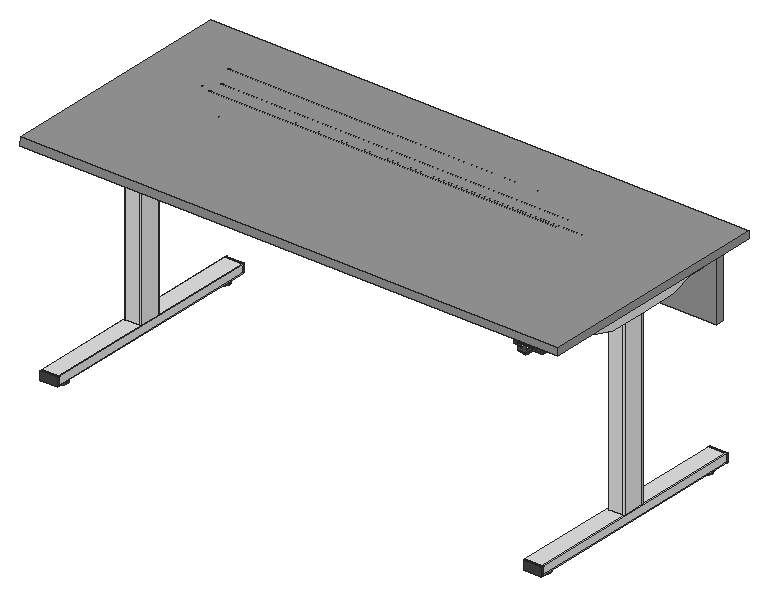
Revit family "Rise LT Rectangular Desk", category Furniture, Revit 2016 (continued)
Definition of nested family "Cable Tray"
  Automatic sketch dimensions
    Extrusion 20 sketch curve to Extrusion 20 sketch curve = 0.065 mm  (x2)
    Extrusion 20 sketch curve to Extrusion 20 sketch curve = 3 mm  (x4)
    Extrusion 20 sketch curve to Extrusion 20 sketch curve = 1.5 mm  (x4)
    Extrusion 20 sketch curve to Extrusion 20 sketch curve = 2.634 mm
    Extrusion 20 sketch curve to Extrusion 20 sketch curve = 0.049 mm  (x2)
    Extrusion 20 sketch curve to Extrusion 20 sketch curve = 39.801 mm
    Extrusion 20 sketch curve to Extrusion 20 sketch curve = 6 mm  (x2)
    Extrusion 20 sketch curve to Extrusion 20 sketch curve = 54.484 mm
    Extrusion 20 sketch curve to plane 6 "Desktop Underside" = 5 mm  (x2)
    Extrusion 20 sketch curve to Extrusion 20 sketch curve = 12 mm
    Extrusion 20 sketch curve to Extrusion 20 sketch curve = 36.451 mm
    Extrusion 20 sketch curve to Extrusion 20 sketch curve = 0.35 mm
    Extrusion 20 sketch curve to Extrusion 20 sketch curve = 0.016 mm
    Extrusion 20 sketch curve to plane 6 "Desktop Underside" = 56.074 mm
    Extrusion 20 sketch curve to Extrusion 20 sketch curve = 20.781 mm
    Extrusion 20 sketch curve to Extrusion 20 sketch curve = 5 mm  (x3)
    Extrusion 20 sketch curve to Extrusion 20 sketch curve = 5.426 mm
    Extrusion 20 sketch curve to Extrusion 20 sketch curve = 81.082 mm
    Extrusion 20 sketch curve to Extrusion 20 sketch curve = 3.312 mm
    Extrusion 20 sketch curve to Extrusion 20 sketch curve = 20.355 mm
    Extrusion 20 sketch curve to Extrusion 20 sketch curve = 2 mm  (x2)
    Extrusion 20 sketch curve to Extrusion 20 sketch curve = 0.293 mm  (x2)
    Extrusion 20 sketch curve to Extrusion 20 sketch curve = 3.101 mm
    Extrusion 20 sketch curve to plane 6 "Desktop Underside" = 8.101 mm
    Extrusion 20 sketch curve to Extrusion 20 sketch curve = 0.033 mm
    Extrusion 20 sketch curve to Extrusion 20 sketch curve = 1.263 mm
    Extrusion 21 sketch curve to Extrusion 21 sketch curve = 0 mm  (x11)
    Extrusion 21 sketch curve to plane 6 "Desktop Underside" = 0 mm
    Extrusion 21 sketch curve to plane 6 "Desktop Underside" = 31.5 mm
    Extrusion 21 sketch curve to plane 7 = 171.565 mm
    Extrusion 21 sketch curve to Extrusion 21 sketch curve = 0.065 mm  (x2)
    Extrusion 21 sketch curve to Extrusion 21 sketch curve = 3 mm  (x4)
    Extrusion 21 sketch curve to Extrusion 21 sketch curve = 1.5 mm  (x4)
    Extrusion 21 sketch curve to Extrusion 21 sketch curve = 2.634 mm
    Extrusion 21 sketch curve to Extrusion 21 sketch curve = 0.049 mm  (x2)
    Extrusion 21 sketch curve to Extrusion 21 sketch curve = 39.801 mm
    Extrusion 21 sketch curve to Extrusion 21 sketch curve = 6 mm  (x2)
    Extrusion 21 sketch curve to Extrusion 21 sketch curve = 54.484 mm
    Extrusion 21 sketch curve to plane 6 "Desktop Underside" = 5 mm  (x2)
    Extrusion 21 sketch curve to Extrusion 21 sketch curve = 12 mm
    Extrusion 21 sketch curve to Extrusion 21 sketch curve = 36.451 mm
    Extrusion 21 sketch curve to Extrusion 21 sketch curve = 0.35 mm
    Extrusion 21 sketch curve to Extrusion 21 sketch curve = 0.016 mm
    Extrusion 21 sketch curve to Extrusion 21 sketch curve = 3.101 mm  (x2)
    Extrusion 21 sketch curve to plane 6 "Desktop Underside" = 24.207 mm
    Extrusion 21 sketch curve to Extrusion 21 sketch curve = 7.293 mm
    Extrusion 21 sketch curve to Extrusion 21 sketch curve = 0.293 mm  (x2)
    Extrusion 21 sketch curve to Extrusion 21 sketch curve = 5 mm  (x3)
    Extrusion 21 sketch curve to Extrusion 21 sketch curve = 2 mm
    Extrusion 21 sketch curve to Extrusion 21 sketch curve = 20.355 mm
    Extrusion 21 sketch curve to Extrusion 21 sketch curve = 20.781 mm
    Extrusion 21 sketch curve to Extrusion 21 sketch curve = 5.426 mm
    Extrusion 21 sketch curve to Extrusion 21 sketch curve = 81.082 mm
    Extrusion 21 sketch curve to Extrusion 21 sketch curve = 3.312 mm
    Extrusion 21 sketch curve to Extrusion 21 sketch curve = 0.033 mm
    Extrusion 21 sketch curve to Extrusion 21 sketch curve = 1.263 mm
    radius of Sweep 2 sketch curve = 1.5 mm
    radius of Sweep 3 sketch curve = 1.5 mm
    radius of Sweep 4 sketch curve = 1.5 mm
    radius of Sweep 5 sketch curve = 1.5 mm
    radius of Sweep 6 sketch curve = 1.5 mm
    radius of Sweep 7 sketch curve = 1.5 mm
    radius of Sweep 8 sketch curve = 1.5 mm
    radius of Sweep 9 sketch curve = 1.5 mm
    radius of Sweep 10 sketch curve = 1.5 mm
    radius of Sweep 11 sketch curve = 1.5 mm
    radius of Sweep 12 sketch curve = 1.5 mm
    radius of Sweep 13 sketch curve = 1.5 mm
    radius of Sweep 14 sketch curve = 1.5 mm
    radius of Sweep 15 sketch curve = 1.5 mm
    radius of Sweep 16 sketch curve = 1.5 mm
    radius of Sweep 17 sketch curve = 1.5 mm
    radius of Sweep 18 sketch curve = 1.5 mm
    radius of Sweep 19 sketch curve = 1.5 mm
    radius of Extrusion 1 sketch curve = 1.5 mm  (x4)
Definition of nested family "Modesty Panel"
  Parameters (values of type "Modesty Panel")
    Width = 1800 mm
    URL = "www.gof.co.uk"
    Type Comments = ""
    Range = "RISE LT"
    Product Code = ""
    Modesty Panel Visible = yes
    Modesty Panel = none
    HeightControl [instance] = if(Height < 720 mm, 720 mm, (if(Height > 1200 mm, 1200 mm, Height)))  # 727 mm
    Height [instance] = 727 mm
    Desktop = none
    Model = ""
    Manufacturer = "Gresham Office Furniture"  # constant formula
    Frame = none
    Foot = none
    Assembly Code = "E2020200"
  Reference planes
    plane 1 "Center (Front/Back)": y = 0
    plane 2: z = 0
    plane 3 "Center (Left/Right)": x = 0
    plane 4: x = -900
    plane 5: x = 900
    plane 6 "Desktop Underside": z = 702
    plane 7: y = 400
    plane 8: y = -400
    plane 9 "Foot": z = 15
    plane 10: z = 727
    plane 11 "Modesty Panel": x = -593
    plane 12: x = 593
    plane 13: z = 425
    plane 14: z = 677
    plane 15: y = 375
    plane 16: x = 568
    plane 17: x = -568
    plane 18: x = -813
    plane 19: x = 813
  Forms (mm)
    Extrusion 1, solid, material <- "Frame", visible <- "Modesty Panel Visible"
      sketch origin (-593, 43.228, 0) x (0, 1, 0) y (0, 0, 1)
        loop
          line (161.772, 702) -> (161.772, 677) -> (306.772, 677) -> (306.772, 432) -> (331.772, 432) -> (331.772, 702) -> (161.772, 702)
      from 0 to 25
    Extrusion 2, solid, material <- "Frame", visible <- "Modesty Panel Visible"
      sketch origin (593, 43.228, 0) x (0, 1, 0) y (0, 0, -1)
        loop
          line (161.772, -702) -> (331.772, -702) -> (331.772, -432) -> (306.772, -432) -> (306.772, -677) -> (161.772, -677) -> (161.772, -702)
      from 0 to 25
    Extrusion 3, solid, material <- "Modesty Panel", visible <- "Modesty Panel Visible"
      sketch origin (0, 0, 0) x (0, 1, 0) y (0, 0, 1)
        loop
          line (375, 677) -> (375, 425) -> (400, 425) -> (400, 677) -> (375, 677)
      from -813 to 813
  Dimensions and locks
    equal spacing: plane 4, plane 3 "Center (Left/Right)", plane 5
    "Width": plane 4 to plane 5
    equal spacing: plane 7, plane 1 "Center (Front/Back)", plane 8
    locked: plane 7 to plane 8 at 800
    locked: plane 2 to plane 9 "Foot" at 15
    "HeightControl": plane 10 to level
    locked: plane 10 to plane 6 "Desktop Underside" at 25
    locked: Extrusion 1 sketch curve to Extrusion 1 sketch curve at 170
    locked: Extrusion 1 sketch curve to Extrusion 1 sketch curve at 25  (x2)
    locked: Extrusion 1 sketch curve to Extrusion 1 sketch curve at 270
    locked: Extrusion 1 to Extrusion 1 at 25
    locked: plane 7 to Extrusion 1 at 25
    locked: plane 11 "Modesty Panel" to plane 4 at 307
    locked: plane 12 to plane 5 at 307
    locked: Extrusion 2 sketch curve to Extrusion 2 sketch curve at 170
    locked: Extrusion 2 sketch curve to Extrusion 2 sketch curve at 25  (x2)
    locked: Extrusion 2 sketch curve to Extrusion 2 sketch curve at 270
    locked: Extrusion 2 to Extrusion 2 at 25
    locked: Extrusion 1 to plane 13 at 7
    locked: plane 6 "Desktop Underside" to plane 14 at 25
    locked: plane 7 to plane 15 at 25
    locked: plane 16 to plane 12 at 25
    locked: plane 17 to plane 11 "Modesty Panel" at 25
    locked: plane 13 to plane 14 at 252
    locked: plane 4 to plane 18 at 87
    locked: plane 19 to plane 5 at 87
    aligned and locked: level to plane 2
    aligned and locked: plane 6 "Desktop Underside" to Extrusion 1
    aligned and locked: Extrusion 1 to plane 11 "Modesty Panel"
    aligned and locked: Extrusion 2 to plane 12
    aligned and locked: Extrusion 3 to plane 14
    aligned and locked: Extrusion 3 to plane 13
    aligned and locked: Extrusion 3 to plane 18
    aligned and locked: Extrusion 3 to plane 19
  Automatic sketch dimensions
    Extrusion 1 sketch curve to plane 6 "Desktop Underside" = 0 mm
    Extrusion 1 sketch curve to plane 7 = 195 mm
    Extrusion 2 sketch curve to plane 6 "Desktop Underside" = 0 mm
    Extrusion 2 sketch curve to plane 7 = 195 mm
    Extrusion 3 sketch curve to plane 13 = 0 mm
    Extrusion 3 sketch curve to plane 15 = 0 mm
    Extrusion 3 sketch curve to plane 7 = 0 mm
    plane 14 to Extrusion 3 sketch curve = 0 mm
Types (17, lengths in mm): name | Width | Product Code | Modesty Panel Visible | Modesty Panel | HeightControl | Height | Cable Tray Visible | Cable Tray
  (no name) | 1800 | "HDLS18" | yes | "BTCPW18" | 727 | 727 | yes | "MECT18"
  1600 x 800 | 1600 | "HDLS16" | no | "" | 720 | 720 | no | ""
  1800 x 800 | 1800 | "HDLS18" | no | "" | 727 | 727 | no | ""
  1200 x 800 | 1200 | "HDLS12" | no | "" | 727 | 727 | no | ""
  1400 x 800 | 1400 | "HDLS14" | no | "" | 727 | 727 | no | ""
  1200 x 800 with Cable Tray | 1200 | "HDLS12" | no | "" | 727 | 727 | yes | "MECT12"
  1200 x 800 with Modesty Panel | 1200 | "HDLS12" | yes | "BTCPW12" | 727 | 727 | no | ""
  1200 x 800 with Modesty Panel & Cable Tray | 1200 | "HDLS12" | yes | "BTCPW12" | 727 | 727 | yes | "MECT12"
  1400 x 800 with Cable Tray | 1400 | "HDLS14" | no | "" | 727 | 727 | yes | "MECT14"
  1400 x 800 with Modesty Panel | 1400 | "HDLS14" | yes | "BTCPW14" | 727 | 727 | no | ""
  1400 x 800 with Modesty Panel & Cable Tray | 1400 | "HDLS14" | yes | "BTCPW14" | 727 | 727 | yes | "MECT14"
  1600 x 800 with Cable Tray | 1600 | "HDLS16" | no | "" | 720 | 720 | yes | "MECT16"
  1600 x 800 with Modesty Panel | 1600 | "HDLS16" | yes | "BTCPW14" | 720 | 720 | no | ""
  1600 x 800 with Modesty Panel & Cable Tray | 1600 | "HDLS16" | yes | "BTCPW16" | 720 | 720 | yes | "MECT16"
  1800 x 800 with Cable Tray | 1800 | "HDLS18" | no | "" | 727 | 727 | yes | "MECT18"
  1800 x 800 with Modesty Panel | 1800 | "HDLS18" | yes | "BTCPW18" | 727 | 727 | no | ""
  1800 x 800 with Modesty Panel & Cable Tray | 1800 | "HDLS18" | yes | "BTCPW18" | 727 | 727 | yes | "MECT18"
